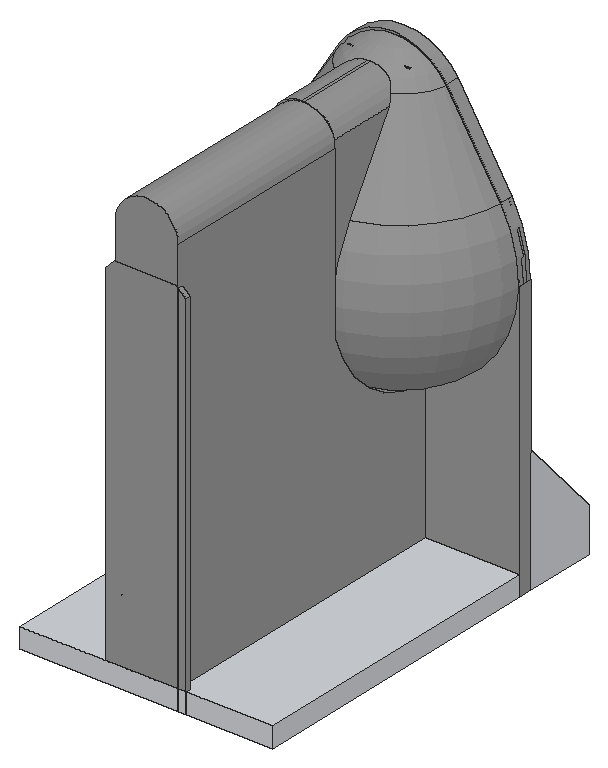
Revit family "Toilet-Willoughby-ASETW-1490-FM-BS-HC", category Plumbing Fixtures, Revit 2015
Parameters (values of type "Standard")
  Waste DIA = 2 3/8"
  Waste Connection = yes
  W-RAD [instance] = Waste DIA / 2  # 0' - 1 3/16"
  Vent Connection = no
  URL = "https://www.willoughby-ind.com/wp-content/uploads/2018/01/ASETW-1490-FM.pdf"
  Type Comments = ""
  Revision = "A"
  Model = "ASETW-1490-FM-BS-HC"
  Manufacturer = "Willoughby Industries"
  HW Connection = no
  Flush inlet DIA = 1 1/2"
  Flush Inlet Connection = yes
  Fixture Body = Stainless Steel AISI 304-Willoughby
  F-RAD [instance] = Flush inlet DIA / 2  # 0' - 0 3/4"
  Description = "Ligature resistant, Wall Outlet, Floor Mounted, Blowout Toilet, Back Spud, Handicap Seat Height"
  Default Elevation = 0' - 0"
  Contact Number = "(800) 428-4065"
  CW Connection = no
Reference planes (in)
  plane 1 "Base": y = -16.25
  plane 2: z = 0
  plane 3 "Center": x = 18.31072
  plane 4 "Waste height": y = -4.75
  plane 5: y = -1.25
  plane 6: z = -6.75
  plane 7: y = -2.125
  plane 8: y = -14.0625
  plane 9: y = 0.5
  plane 10: x = 16.56072
  plane 11: x = 20.06072
  plane 12: x = 11.56072
  plane 13: x = 25.06072
  plane 14: z = -3
  plane 15: z = 25
Forms (in)
  Extrusion 1, solid, material "Stainless Steel AISI 304-Willoughby" <- "Fixture Body"
    sketch origin (16.08109, 10.47968, -7.1422) x (-1, 0, 0) y (0, 0, -1)
      loop
        line (4.79427, -22.6422) -> (4.83287, -22.6422) -> (4.83287, -7.1422) -> (-9.29213, -7.1422) -> (-9.29213, -22.6422) -> (-9.19876, -22.6422)
        arc (-9.19876, -22.6422) -> (-8.97822, -24.61978) -> (-8.21015, -26.45542) r 7
        line (-8.21015, -26.45542) -> (-5.16818, -31.31054)
        arc (-5.16818, -31.31054) -> (-2.20225, -32.95225) -> (0.76368, -31.31054) r 3.5
        line (0.76368, -31.31054) -> (3.80565, -26.45542)
        arc (3.80565, -26.45542) -> (4.57373, -24.61978) -> (4.79427, -22.6422) r 7
      loop
        arc (2.03989, -24.70557) -> (-2.20225, -18.23804) -> (-6.44438, -24.70557) r 4.625
        line (-6.44438, -24.70557) -> (-4.04125, -30.23842)
        arc (-4.04125, -30.23842) -> (-2.20225, -31.45225) -> (-0.36324, -30.23842) r 2
        line (-0.36324, -30.23842) -> (2.03989, -24.70557)
    from 8.72968 to 9.5
  Revolve 2, solid, material "Stainless Steel AISI 304-Willoughby" <- "Fixture Body"
    sketch origin (19.37246, 1.47968, -3.93826) x (-1, 0, 0) y (0, 0, -1)
      loop
        line (1.06174, -12.59906) -> (1.06174, -12.84906)
        arc (1.06174, -12.84906) -> (6.96784, -16.33096) -> (6.78077, -23.18447) r 6.75
        line (6.78077, -23.18447) -> (3.81535, -27.91457)
        arc (3.81535, -27.91457) -> (2.63527, -29.03194) -> (1.06174, -29.43826) r 3.25
        line (1.06174, -29.43826) -> (1.06174, -29.68826)
        arc (1.06174, -29.68826) -> (2.75672, -29.25045) -> (4.02767, -28.04656) r 3.5
        line (4.02767, -28.04656) -> (7.06964, -23.19143)
        arc (7.06964, -23.19143) -> (7.15052, -16.14555) -> (1.06174, -12.59906) r 7
      axis (1.06174, -12.59906) -> (1.06174, -29.68826)
    angle from 0 to -180
  Extrusion 3, solid, material "Stainless Steel AISI 304-Willoughby" <- "Fixture Body"
    sketch origin (19.53334, -0.02032, -4.9508) x (0, 1, 0) y (0, 0, 1)
      loop
        line (-5.27082, 4.9508) -> (1, 4.9508) -> (1, 13.76086)
        arc (1, 13.76086) -> (-2.93256, 15.26109) -> (-5.27082, 18.76086) r 6.92744
        line (-5.27082, 18.76086) -> (-5.27082, 4.9508)
    from 0.52738 to -2.97262
  Extrusion 4, solid, material "Stainless Steel AISI 304-Willoughby" <- "Fixture Body"
    sketch origin (0, 17.59309, -3) x (1, 0, 0) y (0, 1, 0)
      loop
        circle (18.31072, -19.34309) r 1.1875
    from 5.5 to 0
  Extrusion 5, solid, material "Stainless Steel AISI 304-Willoughby" <- "Fixture Body"
    sketch origin (0, 3, 0) x (1, 0, 0) y (0, 1, 0)
      loop
        circle (18.31072, 0.5) r 0.75
    from 0 to 1
  Extrusion 6, solid, material "Stainless Steel AISI 304-Willoughby" <- "Fixture Body"
    sketch origin (0, -16.25, 0) x (1, 0, 0) y (0, 0, 1)
      loop
        line (20.06072, 0) -> (20.06072, 23.28412)
        arc (20.06072, 23.28412) -> (18.31072, 25.03412) -> (16.56072, 23.28412) r 1.75
        line (16.56072, 23.28412) -> (16.56072, 0) -> (20.06072, 0)
    from 0 to -10.95886
  Extrusion 7, solid, material "Stainless Steel AISI 304-Willoughby" <- "Fixture Body"
    sketch origin (-0.06578, -16.25, 7) x (1, 0, 0) y (0, 0, 1)
      loop
        line (20.06072, -7) -> (20.56072, -7) -> (20.56072, 13.75) -> (20.06072, 14.25) -> (16.56072, 14.25) -> (16.06072, 13.75) -> (16.06072, -7) -> (16.56072, -7) -> (20.06072, -7)
    from 0 to -0.25
  Extrusion 8, solid, material "Stainless Steel AISI 304-Willoughby" <- "Fixture Body"
    sketch origin (18.31072, 3, 0) x (0, 1, 0) y (0, 0, 1)
      loop
        line (-3.0438, 25.03193) -> (-8.29114, 25.03193) -> (-8.29114, 16.73622)
        arc (-8.29114, 16.73622) -> (-8.25839, 17.11069) -> (-8.16113, 17.47379) r 2.15729
        arc (-8.16113, 17.47379) -> (-7.78826, 18.37428) -> (-7.33828, 19.23882) r 11.16687
        arc (-7.33828, 19.23882) -> (-5.85557, 21.70663) -> (-4.28753, 24.12112) r 82.3759
        arc (-4.28753, 24.12112) -> (-3.71235, 24.64027) -> (-3.0438, 25.03193) r 3.79911
    from 1.75 to -1.75
  Extrusion 9, void
    sketch origin (0, -13.25, 0) x (1, 0, 0) y (0, 0, 1)
      loop
        arc (16.43207, 23.28193) -> (16.94463, 24.51936) -> (18.18207, 25.03193) r 1.75
        line (18.18207, 25.03193) -> (16.43207, 25.03193) -> (16.43207, 23.28193)
    from -7.95886 to -13.18331
  Extrusion 10, void
    sketch origin (0, -13.25, 0) x (1, 0, 0) y (0, 0, 1)
      loop
        arc (18.34313, 25.03193) -> (19.49966, 24.59853) -> (20.12234, 23.53193) r 1.84176
        line (20.12234, 23.53193) -> (20.12234, 25.03193) -> (18.34313, 25.03193)
    from -7.95886 to -13.18919
  Extrusion 11, solid
    sketch origin (0, 0, 0) x (1, 0, 0) y (0, 1, 0)
      loop
        line (25.37322, 0.97968) -> (11.24822, 0.97968) -> (11.24822, -16.27032) -> (25.37322, -16.27032) -> (25.37322, 0.97968)
    from 1.125 to 0
  Extrusion 12, solid
    sketch origin (18.31072, 3, 0) x (0, 1, 0) y (0, 0, 1)
      loop
        line (-1.25, 0) -> (2.75, 0) -> (2.75, 2.5) -> (-1.25, 7) -> (-1.25, 0)
    from 7.0625 to -7.0625
Cuts and joins
  joined: Extrusion 3, Extrusion 6
  Extrusion 9, Extrusion 10 cuts Extrusion 8
Lines and regions (in)
  symbolic lines
    curve 1: line (13.81072, -16.25, 0) -> (13.81072, -1.25, 0)
    curve 2: line (22.81072, -16.25, 0) -> (22.81072, -1.25, 0)
    curve 3: line (13.81072, -16.25, 0) -> (22.81072, -16.25, 0)
    curve 4: line (11.28334, -2.02032, 0) -> (11.28334, -1.25, 0)
    curve 5: line (11.28334, -1.25, 0) -> (25.28334, -1.25, 0)
    curve 6: line (25.28334, -1.25, 0) -> (25.28334, -2.02032, 0)
    curve 7: line (14.78334, -1.25, 0) -> (14.78334, 1.75, 0)
    curve 8: line (14.78334, 1.75, 0) -> (21.81072, 1.75, 0)
    curve 9: line (21.81072, 1.75, 0) -> (21.81072, -1.25, 0)
    curve 10: arc (25.28334, -2.02032, 0) -> (23.08185, -6.64916, 0) -> (18.31072, -8.52239, 0) r 6.97293
    curve 11: arc (18.31072, -8.52239, 0) -> (13.52793, -6.64299, 0) -> (11.28334, -2.02032, 0) r 7.06571
    curve 12: line (16.56072, -8.2982, 0) -> (16.56072, -16.25, 0)
    curve 13: line (20.06072, -16.25, 0) -> (20.06072, -8.30327, 0)
    curve 18: line (13.81072, -16.25, 0) -> (22.81072, -16.25, 0)
    curve 19: line (22.81072, -16.25, 0) -> (22.81072, -16.25, 1)
    curve 20: line (22.81072, -16.25, 1) -> (21.81072, -16.25, 1)
    curve 21: line (21.81072, -16.25, 0) -> (21.81072, -16.25, 9.67456)
    curve 22: line (14.78334, -16.25, 0) -> (14.78334, -16.25, 9.65867)
    curve 23: line (14.78334, -16.25, 1) -> (13.81072, -16.25, 1)
    curve 24: line (13.81072, -16.25, 1) -> (13.81072, -16.25, 0)
    curve 25: line (21.81072, -16.25, 5) -> (14.78334, -16.25, 5)
    curve 26: arc (21.81072, -16.25, 9.67456) -> (25.06245, -16.25, 13.97624) -> (24.29124, -16.25, 19.31322) r 7
    curve 27: line (24.29124, -16.25, 19.31322) -> (21.24927, -16.25, 24.16835)
    curve 28: arc (21.24927, -16.25, 24.16835) -> (19.98923, -16.25, 25.34792) -> (18.31072, -16.25, 25.75) r 3.37397
    curve 29: arc (18.31072, -16.25, 25.75) -> (16.62783, -16.25, 25.31163) -> (15.31741, -16.25, 24.16835) r 3.79331
    curve 30: line (15.31741, -16.25, 24.16835) -> (12.35249, -16.25, 19.43905)
    curve 31: arc (12.35249, -16.25, 19.43905) -> (11.49002, -16.25, 14.03241) -> (14.78334, -16.25, 9.65867) r 7
    curve 37: line (18.31072, -8.45513, 16.43593) -> (18.31072, -16.25, 16.43593)
    curve 38: line (18.31072, -16.25, 16.43593) -> (18.31072, -16.25, 0)
    curve 39: line (18.31072, -16.25, 0) -> (18.31072, 1.75, 0)
    curve 40: line (18.31072, 1.75, 0) -> (18.31072, 1.75, 5)
    curve 41: line (18.31072, 1.75, 5) -> (18.31072, -1.25, 5)
    curve 42: line (18.31072, -1.25, 5) -> (18.31072, -1.25, 25.81005)
    curve 43: line (18.31072, -1.25, 25.81005) -> (18.31072, -2.02032, 25.81005)
    curve 44: arc (18.31072, -2.02032, 25.81005) -> (18.31072, -3.17426, 25.3587) -> (18.31072, -4.14211, 24.58504) r 4.1253
    curve 45: line (18.31072, -4.14211, 24.58504) -> (18.31072, -7.52822, 19.25317)
    curve 46: arc (18.31072, -7.52822, 19.25317) -> (18.31072, -8.16721, 17.9023) -> (18.31072, -8.45513, 16.43593) r 6.04234
    curve 47: arc (18.31072, -8.45513, 16.43593) -> (18.31072, -8.2983, 15.12766) -> (18.31072, -8.29114, 13.81005) r 11.57712
    curve 48: arc (18.31072, -8.29114, 13.81005) -> (18.31072, -5.95289, 10.31029) -> (18.31072, -2.02032, 8.81005) r 6.92744
    curve 49: line (18.31072, -1.25, 9.65867) -> (18.31072, -2.02032, 9.65867)
    curve 50: line (18.31072, -2.02032, 9.65867) -> (18.31072, -2.02032, 1)
    curve 51: line (18.31072, -2.02032, 1) -> (18.31072, -16.25, 1)
  symbolic lines, detail levels medium+fine
    curve 14: line (20.06072, -16, 0) -> (20.56072, -16, 0)
    curve 15: line (20.56072, -16, 0) -> (20.56072, -16.25, 0)
    curve 16: line (16.56072, -16, 0) -> (16.06072, -16, 0)
    curve 17: line (16.06072, -16, 0) -> (16.06072, -16.25, 0)
  symbolic lines, detail levels fine
    curve 32: arc (14.0412, -16.25, 17.56337) -> (18.28334, -16.25, 11.09585) -> (22.52547, -16.25, 17.56337) r 4.625
    curve 33: line (22.52547, -16.25, 17.56337) -> (20.12234, -16.25, 23.09622)
    curve 34: arc (20.12234, -16.25, 23.09622) -> (19.38317, -16.25, 23.97635) -> (18.28334, -16.25, 24.31005) r 2.01767
    curve 35: arc (18.28334, -16.25, 24.31005) -> (17.17969, -16.25, 23.98213) -> (16.44433, -16.25, 23.09622) r 1.9827
    curve 36: line (16.44433, -16.25, 23.09622) -> (14.0412, -16.25, 17.56337)
Dimensions and locks (in)
  locked: plane 1 "Base" to plane 4 "Waste height" at 11.5
  locked: plane 1 "Base" to plane 5 at 15
  locked: plane 1 "Base" to plane 9 at 16.75
  plane 15 to level = 2' - 1"
  "W-RAD": radius of Extrusion 4 sketch curve
  "F-RAD": radius of Extrusion 5 sketch curve
  aligned and locked: plane 3 "Center" to Extrusion 4 sketch curve
  aligned and locked: plane 3 "Center" to Extrusion 5 sketch curve
  aligned and locked: Extrusion 11 to Extrusion 1
Automatic sketch dimensions
  plane 5 to curve 5 = 0' - 0"
  plane 1 "Base" to curve 3 = 0' - 0"
  curve 16 to plane 10 = 0' - 0"
  curve 11 to plane 3 "Center" = 0' - 0"
  curve 10 to plane 3 "Center" = 0' - 0"
  curve 13 to plane 11 = 0' - 0"
  curve 16 to plane 1 "Base" = 0' - 0 1/4"
  curve 16 to plane 10 = 0' - 0 1/2"
  curve 8 to plane 10 = 0' - 1.77738"
  curve 1 to curve 17 = 0' - 2 1/4"
  plane 7 to curve 4 = 0' - 0.10468"
  curve 4 to plane 12 = 0' - 0.27738"
  plane 3 "Center" to curve 10 = 0' - 0 1/64"
  plane 3 "Center" to curve 11 = 0' - 0.01581"
  curve 14 to curve 14 = 0' - 0 1/2"
  plane 11 to curve 8 = 0' - 1 3/4"
  curve 3 to plane 13 = 0' - 2 1/4"
  curve 2 to curve 5 = 0' - 2.47262"
  curve 15 to curve 14 = 0' - 0 1/4"
  plane 7 to curve 6 = 0' - 0.10468"
  curve 8 to plane 9 = 0' - 1 1/4"
  curve 38 to plane 1 "Base" = 0' - 0"
  curve 42 to plane 5 = 0' - 0"
  curve 40 to level = 0' - 0"
  plane 1 "Base" to curve 47 = 0' - 3.6029"
  plane 4 "Waste height" to curve 37 = 0' - 3.70513"
  plane 4 "Waste height" to curve 45 = 0' - 2.77822"
  curve 45 to plane 4 "Waste height" = 0' - 0.60789"
  curve 46 to plane 7 = 0' - 0.30255"
  plane 7 to curve 50 = 0' - 0.10468"
  plane 7 to curve 43 = 0' - 0.10468"
  plane 5 to curve 48 = 0' - 0.38413"
  curve 44 to plane 5 = 0' - 0.13839"
  curve 41 to plane 9 = 0' - 1 1/4"
  level to curve 51 = 0' - 1"
  level to curve 41 = 0' - 5"
  curve 41 to curve 50 = 0' - 4.65867"
  curve 47 to plane 15 = 0' - 10.59394"
  curve 49 to curve 48 = 0' - 6.06805"
  curve 48 to curve 46 = 0' - 0.28717"
  curve 47 to curve 38 = 0' - 2.02987"
  curve 44 to plane 15 = 0' - 3.21392"
  curve 45 to plane 15 = 0' - 0.41496"
  curve 47 to curve 48 = 0' - 0.16399"
  curve 26 to curve 31 = 0' - 0"  (x2)
  curve 26 to curve 32 = 0' - 0"  (x2)
  curve 31 to curve 32 = 0' - 0"  (x2)
  curve 24 to level = 0' - 0"
  curve 28 to plane 3 "Center" = 0' - 0"
  curve 29 to plane 3 "Center" = 0' - 0"
  curve 32 to plane 3 "Center" = 0' - 0.02738"
  curve 35 to plane 3 "Center" = 0' - 0.03882"
  curve 34 to curve 35 = 0' - 0.0002"
  curve 36 to plane 10 = 0' - 0.11639"
  curve 30 to plane 10 = 0' - 1.24331"
  curve 22 to plane 10 = 0' - 1.77738"
  plane 12 to curve 36 = 0' - 2 123/256"
  curve 18 to curve 22 = 0' - 0.97262"
  plane 12 to curve 30 = 0' - 0.79177"
  plane 3 "Center" to curve 28 = 0' - 0.07942"
  plane 3 "Center" to curve 29 = 0' - 0.08929"
  plane 11 to curve 33 = 0' - 0.06162"
  curve 27 to plane 15 = 0' - 0.83165"
  plane 11 to curve 27 = 0' - 1.18855"
  plane 11 to curve 21 = 0' - 1 3/4"
  plane 11 to curve 33 = 0' - 2.46475"
  curve 20 to curve 19 = 0' - 1"
  curve 27 to plane 13 = 0' - 0.76948"
  curve 18 to curve 19 = 0' - 1"
  curve 18 to curve 24 = 0' - 1"
  curve 23 to curve 22 = 0' - 8.65867"
  curve 22 to curve 21 = 0' - 0.01589"
  curve 22 to curve 31 = 0' - 6.06218"
  curve 36 to curve 30 = 0' - 1.87568"
  curve 29 to plane 15 = 0' - 3.04226"
  curve 34 to curve 28 = 0' - 0.08455"
  curve 34 to curve 35 = 0' - 0.03496"
  curve 36 to curve 29 = 0' - 1.07212"
  curve 33 to curve 27 = 0' - 1.07212"
  curve 20 to curve 25 = 0' - 4"
  Revolve 2 sketch curve to Revolve 2 sketch curve = 0' - 0"  (x2)
  Revolve 2 sketch curve to plane 3 "Center" = 0' - 0"  (x3)
  plane 3 "Center" to Revolve 2 sketch curve = 0' - 0"
  Revolve 2 sketch curve to plane 10 = 0' - 1.00361"
  Revolve 2 sketch curve to plane 15 = 0' - 0.8917"
  Revolve 2 sketch curve to Revolve 2 sketch curve = 0' - 0.21232"
  plane 12 to Revolve 2 sketch curve = 0' - 1.03097"
  Revolve 2 sketch curve to Revolve 2 sketch curve = 0' - 0.28887"
  plane 15 to Revolve 2 sketch curve = 0' - 0 1/2"
  Revolve 2 sketch curve to Revolve 2 sketch curve = 0' - 0 1/4"
  Revolve 2 sketch curve to Revolve 2 sketch curve = 0' - 0.13199"
  Revolve 2 sketch curve to Revolve 2 sketch curve = 0' - 4.85513"
  Revolve 2 sketch curve to Revolve 2 sketch curve = 0' - 0.00696"
  Revolve 2 sketch curve to Revolve 2 sketch curve = 0' - 6.5892"
  Revolve 2 sketch curve to Revolve 2 sketch curve = 0' - 3 1/4"
  Revolve 2 sketch curve to Revolve 2 sketch curve = 0' - 2.4108"
  Extrusion 3 sketch curve to level = 0' - 0"
  plane 4 "Waste height" to Extrusion 3 sketch curve = 0' - 0.54114"
  plane 7 to Extrusion 3 sketch curve = 0' - 3.10468"
  Extrusion 3 sketch curve to plane 5 = 0' - 2.61587"
  Extrusion 3 sketch curve to Extrusion 3 sketch curve = 0' - 8.81005"
  Extrusion 3 sketch curve to Extrusion 3 sketch curve = 0' - 5"
  Extrusion 6 sketch curve to level = 0' - 0"
  Extrusion 6 sketch curve to plane 10 = 0' - 0"
  Extrusion 6 sketch curve to plane 3 "Center" = 0' - 0"
  Extrusion 6 sketch curve to plane 15 = 0' - 1.71588"
  Extrusion 7 sketch curve to level = 0' - 0"
  Extrusion 7 sketch curve to plane 10 = 0' - 0.56578"
  Extrusion 7 sketch curve to plane 10 = 0' - 0.06578"  (x2)
  Extrusion 7 sketch curve to plane 11 = 0' - 0.06578"  (x2)
  plane 11 to Extrusion 7 sketch curve = 0' - 0.43422"
  Extrusion 7 sketch curve to plane 15 = 0' - 4 1/4"  (x2)
  Extrusion 7 sketch curve to Extrusion 7 sketch curve = 0' - 0 1/2"
  plane 15 to Extrusion 8 sketch curve = 0' - 0.03193"
  plane 4 "Waste height" to Extrusion 8 sketch curve = 0' - 0.54114"
  Extrusion 8 sketch curve to plane 4 "Waste height" = 0' - 1.61615"
  plane 7 to Extrusion 8 sketch curve = 0' - 2.0812"
  Extrusion 8 sketch curve to plane 5 = 0' - 2.78229"
  Extrusion 8 sketch curve to plane 9 = 0' - 4.83279"
  Extrusion 8 sketch curve to plane 6 = 1' - 3.19552"
  Extrusion 8 sketch curve to plane 9 = 5' - 6.50343"
  Extrusion 8 sketch curve to plane 15 = 0' - 11.34412"
  Extrusion 8 sketch curve to plane 15 = 0' - 8.26378"
  Extrusion 8 sketch curve to plane 15 = 0' - 3.42484"
  Extrusion 8 sketch curve to Extrusion 8 sketch curve = 0' - 0"  (x2)
  plane 15 to Extrusion 9 sketch curve = 0' - 0.03193"
  Extrusion 9 sketch curve to plane 10 = 0' - 0.12865"
  Extrusion 9 sketch curve to plane 3 "Center" = 0' - 0.12865"
  plane 3 "Center" to Extrusion 10 sketch curve = 0' - 0.0018"
  plane 15 to Extrusion 10 sketch curve = 0' - 0.03193"
  plane 11 to Extrusion 10 sketch curve = 0' - 0.06162"
  plane 3 "Center" to Extrusion 10 sketch curve = 0' - 0.03241"
  Extrusion 10 sketch curve to plane 15 = 0' - 1.46807"
  Extrusion 1 sketch curve to Extrusion 1 sketch curve = 0' - 0"  (x6)
  Extrusion 1 sketch curve to level = 0' - 0"
  plane 13 to Extrusion 1 sketch curve = 0' - 0 5/16"
  Extrusion 1 sketch curve to Extrusion 1 sketch curve = 0' - 0.09337"
  Extrusion 1 sketch curve to plane 13 = 0' - 0.76948"
  plane 11 to Extrusion 1 sketch curve = 0' - 2.46475"
  plane 11 to Extrusion 1 sketch curve = 0' - 1.18855"
  plane 11 to Extrusion 1 sketch curve = 0' - 0.06162"
  Extrusion 1 sketch curve to plane 3 "Center" = 0' - 0.02738"  (x2)
  Extrusion 1 sketch curve to plane 10 = 0' - 0.11639"
  Extrusion 1 sketch curve to plane 15 = 0' - 0.83165"
  Extrusion 1 sketch curve to plane 10 = 0' - 1.24331"
  plane 12 to Extrusion 1 sketch curve = 0' - 2 123/256"
  plane 12 to Extrusion 1 sketch curve = 0' - 0.71472"
  Extrusion 1 sketch curve to plane 12 = 0' - 0 5/16"
  Extrusion 1 sketch curve to Extrusion 1 sketch curve = 0' - 1.07212"
  Extrusion 1 sketch curve to Extrusion 1 sketch curve = 0' - 0.78617"
  Extrusion 1 sketch curve to Extrusion 1 sketch curve = 0' - 3.783"
  Extrusion 1 sketch curve to Extrusion 1 sketch curve = 0' - 1.74985"
  Extrusion 1 sketch curve to Extrusion 1 sketch curve = 0' - 1.84253"
  Extrusion 1 sketch curve to Extrusion 1 sketch curve = 0' - 2.06337"
  Extrusion 1 sketch curve to Extrusion 1 sketch curve = 0' - 0.0386"
  plane 7 to Extrusion 11 sketch curve = 0' - 3.10468"
  Extrusion 11 sketch curve to plane 12 = 0' - 0 5/16"
  plane 1 "Base" to Extrusion 11 sketch curve = 0' - 0.02032"
  plane 13 to Extrusion 11 sketch curve = 0' - 0 5/16"
  Extrusion 12 sketch curve to plane 5 = 0' - 3"
  Extrusion 12 sketch curve to level = 0' - 0"
  Extrusion 12 sketch curve to plane 9 = 0' - 5 1/4"
  level to Extrusion 12 sketch curve = 0' - 2 1/2"
  Extrusion 12 sketch curve to Extrusion 12 sketch curve = 0' - 4 1/2"
  Extrusion 5 sketch curve to plane 9 = 0' - 3"
  plane 7 to Extrusion 4 sketch curve = 0' - 0 3/8"
Connectors (in)
  piping at (18.31072, -1.75, -3), diameter 2.375, driven by "W-RAD", driven by "Waste Connection"
    settings: on Extrusion 4, index 1, connector inside diameter 2 1/2", connector length 0' - 0", flow factor 0, pipe flow 0 GPM, pressure drop 0.00 psi, fitting loss kfactor 0, connector angle 0.00°, fixture units 0, engagement length 0' - 0", angle of deflection 0.00°, flow configuration 0, flow direction 2, fitting loss method 0, system type 16, joint type 0, gender type 0, connector reference index -1, connector utility 1, adjustable connector yes, is connector primary yes, connector description "Toilet Waste"
  piping at (18.31072, 3.5, 1), diameter 1.5, driven by "F-RAD", driven by "Flush Inlet Connection"
    settings: on Extrusion 5, index 2, connector inside diameter 1 1/2", connector length 0' - 0", flow factor 0, pipe flow 0 GPM, pressure drop 0.00 psi, fitting loss kfactor 0, connector angle 0.00°, fixture units 0, engagement length 0' - 0", angle of deflection 0.00°, flow configuration 0, flow direction 1, fitting loss method 0, system type 20, joint type 0, gender type 0, connector reference index -1, connector utility 1, adjustable connector no, is connector primary no, connector description "Flush Inlet"
